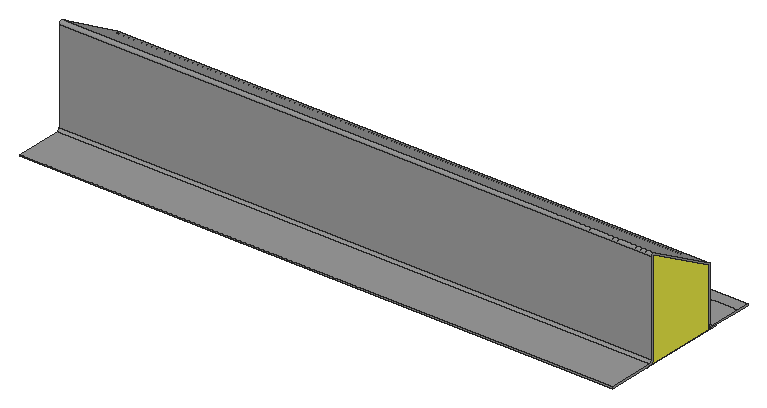
Revit family "XHD K 150", category Generic Models, Revit 2014
Parameters (values of type "Max lintel length 2700mm")
  URL = "http://www.keystonelintels.co.uk"
  Structural Opening [instance] = 900 mm
  Structural Performance = "The Keystone lintel range has safe working loads as detailed in each applicable loading table in the Keystone Lintel Guide brochure. The structural performance figures within each table have been ascertained by testing in accordance with the requirements of standards BS EN 5977-2: 1983 and BS EN 845-2: 2003."
  RIBA Productor Selector = "available for Keystone Lintels Ltd from Keystone Lintels Ltd from ribaproductselector.com"
  Model = "XHD/K 150"
  Min Length = 600 mm
  Min Clear Span = 300 mm
  Max Length = 2700 mm
  Max Clear Span = 2700 mm
  Material - Stainless Steel = "Grade 304 2b 1.4307 to BS EN 10088-2. Other grades available on request: contact manufacturer."
  Material - Galvanised Steel = "To BS EN 10346: 2009. DX51D plus Z600 or grade Z275 to BS 5977-2: 1983 (BS EN 845-2: 2003)."
  Manufacturer = "Keystone"
  Manufactured Length [instance] = (roundup(Effective Length / 150 mm) * 150 mm)  # 1200 mm
  Lintel height [instance] = 2100 mm
  Keynote = "F30/755"
  Fire Performance = "Keystone lintels have been subjected to a fire test (WARRES No. 101263) in accordance with BS 476-20: 1987, at Exova Warrington Fire and achieved a one hour fire performance."
  End Bearing = 150 mm
  Effective Length [instance] = Clear Opening with MIN MAX set + End Bearing * 2  # 1200 mm
  Corrosion = "Keystone’s standard range of lintels are manufactured from high quality grade pre-galvanized carbon steel with a zinc coating of 600"
  Contact Tel = "+44 (0)28 8676 2184"
  Contact Email = "info@keystonelintels.co.uk"
  Clear Opening with MIN MAX set [instance] = if(Structural Opening < Min Clear Span, Min Clear Span, (if(Structural Opening > Max Clear Span, Max Clear Span, Structural Opening)))  # 900 mm
  CPD Information = "Available for Keystone Lintels Ltd from ribacpd.com"
Reference planes
  plane 1 "Center (Front/Back)": y = 0
  plane 2: z = 0
  plane 3 "Center (Left/Right)": x = 0
  plane 4: x = -600
  plane 5: x = 600
  plane 6: z = 2100
  plane 7: x = -450
  plane 8: x = 450
Forms (mm)
  Extrusion 1, solid, material "Steel"
    sketch origin (0, 706.054, -510.749) x (0, 1, 0) y (0, 0, 1)
      loop
        line (-570.549, 2610.749) -> (-545.599, 2609.835) -> (-545.482, 2613.033) -> (-570.491, 2613.949) -> (-635.491, 2613.949)
        arc (-635.491, 2613.949) -> (-639.026, 2615.414) -> (-640.491, 2618.949) r 5
        line (-640.491, 2618.949) -> (-640.491, 2725.945)
        arc (-640.491, 2725.945) -> (-641.186, 2728.544) -> (-643.087, 2730.447) r 5.2
        line (-643.087, 2730.447) -> (-780.692, 2810.036)
        arc (-780.692, 2810.036) -> (-785.892, 2810.036) -> (-788.491, 2805.532) r 5.198
        line (-788.491, 2805.532) -> (-788.491, 2618.949)
        arc (-788.491, 2618.949) -> (-789.955, 2615.414) -> (-793.491, 2613.949) r 5
        line (-793.491, 2613.949) -> (-888.491, 2613.949) -> (-888.491, 2610.749) -> (-793.491, 2610.749)
        arc (-793.491, 2610.749) -> (-787.693, 2613.151) -> (-785.291, 2618.949) r 8.2
        line (-785.291, 2618.949) -> (-785.291, 2805.532)
        arc (-785.291, 2805.532) -> (-784.292, 2807.263) -> (-782.294, 2807.266) r 2
        line (-782.294, 2807.266) -> (-644.689, 2727.677)
        arc (-644.689, 2727.677) -> (-643.958, 2726.945) -> (-643.691, 2725.945) r 2
        line (-643.691, 2725.945) -> (-643.691, 2618.949)
        arc (-643.691, 2618.949) -> (-641.289, 2613.151) -> (-635.491, 2610.749) r 8.2
        line (-635.491, 2610.749) -> (-570.549, 2610.749)
    from -600 to 600
  Extrusion 2, solid, material "Steel"
    sketch origin (0, 706.054, -510.749) x (0, 1, 0) y (0, 0, 1)
      loop
        line (-626.689, 2609.749) -> (-626.689, 2610.749) -> (-643.689, 2610.749) -> (-643.689, 2618.749) -> (-644.689, 2618.749) -> (-644.689, 2610.749) -> (-801.689, 2610.749) -> (-801.689, 2609.749) -> (-626.689, 2609.749)
    from -600 to 600
  Extrusion 3, solid, material "Insulation"
    sketch origin (0, 706.054, -510.749) x (0, 1, 0) y (0, 0, 1)
      loop
        line (-643.689, 2610.749) -> (-635.491, 2610.749)
        arc (-635.491, 2610.749) -> (-641.289, 2613.151) -> (-643.691, 2618.949) r 8.2
        line (-643.691, 2618.949) -> (-643.691, 2725.945)
        arc (-643.691, 2725.945) -> (-643.958, 2726.945) -> (-644.689, 2727.677) r 2
        line (-644.689, 2727.677) -> (-782.294, 2807.266)
        arc (-782.294, 2807.266) -> (-784.292, 2807.263) -> (-785.291, 2805.532) r 2
        line (-785.291, 2805.532) -> (-785.291, 2618.949)
        arc (-785.291, 2618.949) -> (-787.693, 2613.151) -> (-793.491, 2610.749) r 8.2
        line (-793.491, 2610.749) -> (-644.689, 2610.749) -> (-644.689, 2618.749) -> (-643.689, 2618.749) -> (-643.689, 2610.749)
    from -600 to 600
  Extrusion 4, solid, not visible
    sketch origin (0, 953.452, 1221.761) x (0, 1, 0) y (0, 0, 1)
      loop
        line (-570.549, 1010.749) -> (-545.599, 1009.835) -> (-545.482, 1013.033) -> (-570.491, 1013.949) -> (-635.491, 1013.949)
        arc (-635.491, 1013.949) -> (-639.026, 1015.414) -> (-640.491, 1018.949) r 5
        line (-640.491, 1018.949) -> (-640.491, 1125.945)
        arc (-640.491, 1125.945) -> (-641.186, 1128.544) -> (-643.087, 1130.447) r 5.2
        line (-643.087, 1130.447) -> (-780.692, 1210.036)
        arc (-780.692, 1210.036) -> (-785.892, 1210.036) -> (-788.491, 1205.532) r 5.198
        line (-788.491, 1205.532) -> (-788.491, 1018.949)
        arc (-788.491, 1018.949) -> (-789.955, 1015.414) -> (-793.491, 1013.949) r 5
        line (-793.491, 1013.949) -> (-888.491, 1013.949) -> (-888.491, 1010.749) -> (-793.491, 1010.749)
        arc (-793.491, 1010.749) -> (-787.693, 1013.151) -> (-785.291, 1018.949) r 8.2
        line (-785.291, 1018.949) -> (-785.291, 1205.532)
        arc (-785.291, 1205.532) -> (-784.292, 1207.263) -> (-782.294, 1207.266) r 2
        line (-782.294, 1207.266) -> (-644.689, 1127.677)
        arc (-644.689, 1127.677) -> (-643.958, 1126.945) -> (-643.691, 1125.945) r 2
        line (-643.691, 1125.945) -> (-643.691, 1018.949)
        arc (-643.691, 1018.949) -> (-641.289, 1013.151) -> (-635.491, 1010.749) r 8.2
        line (-635.491, 1010.749) -> (-570.549, 1010.749)
    from 0 to 250
  Extrusion 5, solid, not visible
    sketch origin (0, 569.591, 1224.752) x (0, 1, 0) y (0, 0, 1)
      loop
        line (-643.689, 1010.749) -> (-635.491, 1010.749)
        arc (-635.491, 1010.749) -> (-641.289, 1013.151) -> (-643.691, 1018.949) r 8.2
        line (-643.691, 1018.949) -> (-643.691, 1125.945)
        arc (-643.691, 1125.945) -> (-643.958, 1126.945) -> (-644.689, 1127.677) r 2
        line (-644.689, 1127.677) -> (-782.294, 1207.266)
        arc (-782.294, 1207.266) -> (-784.292, 1207.263) -> (-785.291, 1205.532) r 2
        line (-785.291, 1205.532) -> (-785.291, 1018.949)
        arc (-785.291, 1018.949) -> (-787.693, 1013.151) -> (-793.491, 1010.749) r 8.2
        line (-793.491, 1010.749) -> (-644.689, 1010.749) -> (-644.689, 1018.749) -> (-643.689, 1018.749) -> (-643.689, 1010.749)
    from 0 to 250
  Extrusion 6, solid, not visible
    sketch origin (0, 894.416, 998.242) x (0, 1, 0) y (0, 0, 1)
      loop
        line (-626.689, 1009.749) -> (-626.689, 1010.749) -> (-643.689, 1010.749) -> (-643.689, 1018.749) -> (-644.689, 1018.749) -> (-644.689, 1010.749) -> (-801.689, 1010.749) -> (-801.689, 1009.749) -> (-626.689, 1009.749)
    from 0 to 250
Dimensions and locks
  equal spacing: plane 4, plane 3 "Center (Left/Right)", plane 5
  "Manufactured Length": plane 4 to plane 5
  "Lintel height": plane 6 to level
  "Structural Opening": plane 7 to plane 8
  equal spacing: plane 7, plane 3 "Center (Left/Right)", plane 8
  aligned and locked: level to plane 2
  aligned and locked: Extrusion 1 to plane 6
  aligned and locked: Extrusion 3 to plane 6
  aligned and locked: plane 6 to Extrusion 2
  aligned and locked: plane 5 to Extrusion 1
  aligned and locked: Extrusion 1 to plane 4
  aligned and locked: plane 5 to Extrusion 3
  aligned and locked: Extrusion 3 to plane 4
  aligned and locked: plane 5 to Extrusion 2
  aligned and locked: Extrusion 2 to plane 4
Automatic sketch dimensions
  Extrusion 1 sketch curve to Extrusion 1 sketch curve = 64.941 mm
  Extrusion 1 sketch curve to Extrusion 1 sketch curve = 24.951 mm
  Extrusion 1 sketch curve to Extrusion 1 sketch curve = 0.914 mm
  Extrusion 1 sketch curve to Extrusion 1 sketch curve = 0.117 mm
  Extrusion 1 sketch curve to Extrusion 1 sketch curve = 0.059 mm
  Extrusion 1 sketch curve to Extrusion 1 sketch curve = 5 mm  (x2)
  Extrusion 1 sketch curve to Extrusion 1 sketch curve = 106.996 mm
  Extrusion 1 sketch curve to Extrusion 1 sketch curve = 2 mm
  Extrusion 1 sketch curve to Extrusion 1 sketch curve = 0.999 mm
  Extrusion 1 sketch curve to Extrusion 1 sketch curve = 137.605 mm
  Extrusion 1 sketch curve to Extrusion 1 sketch curve = 79.589 mm
  Extrusion 1 sketch curve to Extrusion 1 sketch curve = 1.602 mm  (x2)
  Extrusion 1 sketch curve to Extrusion 1 sketch curve = 2.77 mm
  Extrusion 1 sketch curve to Extrusion 1 sketch curve = 0.997 mm
  Extrusion 1 sketch curve to Extrusion 1 sketch curve = 1.734 mm
  Extrusion 1 sketch curve to Extrusion 1 sketch curve = 0.002 mm
  Extrusion 1 sketch curve to Extrusion 1 sketch curve = 0.003 mm
  Extrusion 1 sketch curve to Extrusion 1 sketch curve = 3.2 mm
  Extrusion 1 sketch curve to Extrusion 1 sketch curve = 0 mm  (x13)
  Extrusion 1 sketch curve to Extrusion 1 sketch curve = 95 mm
  Extrusion 2 sketch curve to Extrusion 2 sketch curve = 1 mm  (x2)
  Extrusion 2 sketch curve to Extrusion 2 sketch curve = 17 mm
  Extrusion 2 sketch curve to Extrusion 2 sketch curve = 158 mm
  Extrusion 2 sketch curve to Extrusion 2 sketch curve = 8 mm
  Extrusion 2 sketch curve to Extrusion 2 sketch curve = 0 mm
  Extrusion 3 sketch curve to Extrusion 3 sketch curve = 8.198 mm
  Extrusion 3 sketch curve to Extrusion 3 sketch curve = 8.2 mm  (x3)
  Extrusion 3 sketch curve to Extrusion 3 sketch curve = 0 mm  (x3)
  Extrusion 3 sketch curve to Extrusion 3 sketch curve = 0.2 mm
  Extrusion 3 sketch curve to Extrusion 3 sketch curve = 1 mm
  Extrusion 3 sketch curve to Extrusion 3 sketch curve = 106.996 mm
  Extrusion 3 sketch curve to Extrusion 3 sketch curve = 148.802 mm
  Extrusion 3 sketch curve to Extrusion 3 sketch curve = 79.587 mm
  Extrusion 3 sketch curve to Extrusion 3 sketch curve = 2 mm
  Extrusion 3 sketch curve to Extrusion 3 sketch curve = 0.999 mm
  Extrusion 3 sketch curve to Extrusion 3 sketch curve = 2.997 mm
  Extrusion 3 sketch curve to Extrusion 3 sketch curve = 1.734 mm
  Extrusion 3 sketch curve to Extrusion 3 sketch curve = 8 mm
  Extrusion 4 sketch curve to Extrusion 4 sketch curve = 64.941 mm
  Extrusion 4 sketch curve to Extrusion 4 sketch curve = 24.951 mm
  Extrusion 4 sketch curve to Extrusion 4 sketch curve = 0.914 mm
  Extrusion 4 sketch curve to Extrusion 4 sketch curve = 0.117 mm
  Extrusion 4 sketch curve to Extrusion 4 sketch curve = 0.059 mm
  Extrusion 4 sketch curve to Extrusion 4 sketch curve = 5 mm  (x2)
  Extrusion 4 sketch curve to Extrusion 4 sketch curve = 106.996 mm
  Extrusion 4 sketch curve to Extrusion 4 sketch curve = 2 mm
  Extrusion 4 sketch curve to Extrusion 4 sketch curve = 0.999 mm
  Extrusion 4 sketch curve to Extrusion 4 sketch curve = 137.605 mm
  Extrusion 4 sketch curve to Extrusion 4 sketch curve = 79.589 mm
  Extrusion 4 sketch curve to Extrusion 4 sketch curve = 1.602 mm  (x2)
  Extrusion 4 sketch curve to Extrusion 4 sketch curve = 2.77 mm
  Extrusion 4 sketch curve to Extrusion 4 sketch curve = 0.997 mm
  Extrusion 4 sketch curve to Extrusion 4 sketch curve = 1.734 mm
  Extrusion 4 sketch curve to Extrusion 4 sketch curve = 0.002 mm
  Extrusion 4 sketch curve to Extrusion 4 sketch curve = 0.003 mm
  Extrusion 4 sketch curve to Extrusion 4 sketch curve = 3.2 mm
  Extrusion 4 sketch curve to Extrusion 4 sketch curve = 0 mm  (x13)
  Extrusion 4 sketch curve to Extrusion 4 sketch curve = 95 mm
  Extrusion 5 sketch curve to Extrusion 5 sketch curve = 8.198 mm
  Extrusion 5 sketch curve to Extrusion 5 sketch curve = 8.2 mm  (x3)
  Extrusion 5 sketch curve to Extrusion 5 sketch curve = 0 mm  (x3)
  Extrusion 5 sketch curve to Extrusion 5 sketch curve = 0.2 mm
  Extrusion 5 sketch curve to Extrusion 5 sketch curve = 1 mm
  Extrusion 5 sketch curve to Extrusion 5 sketch curve = 106.996 mm
  Extrusion 5 sketch curve to Extrusion 5 sketch curve = 148.802 mm
  Extrusion 5 sketch curve to Extrusion 5 sketch curve = 79.587 mm
  Extrusion 5 sketch curve to Extrusion 5 sketch curve = 2 mm
  Extrusion 5 sketch curve to Extrusion 5 sketch curve = 0.999 mm
  Extrusion 5 sketch curve to Extrusion 5 sketch curve = 2.997 mm
  Extrusion 5 sketch curve to Extrusion 5 sketch curve = 1.734 mm
  Extrusion 5 sketch curve to Extrusion 5 sketch curve = 8 mm
  Extrusion 6 sketch curve to Extrusion 6 sketch curve = 1 mm  (x2)
  Extrusion 6 sketch curve to Extrusion 6 sketch curve = 17 mm
  Extrusion 6 sketch curve to Extrusion 6 sketch curve = 158 mm
  Extrusion 6 sketch curve to Extrusion 6 sketch curve = 8 mm
  Extrusion 6 sketch curve to Extrusion 6 sketch curve = 0 mm
  Extrusion 3 sketch curve to plane 6 = 0 mm
  plane 1 "Center (Front/Back)" to Extrusion 3 sketch curve = 87.437 mm
  Extrusion 1 sketch curve to plane 6 = 0 mm
  plane 1 "Center (Front/Back)" to Extrusion 1 sketch curve = 182.437 mm
  Extrusion 2 sketch curve to plane 6 = 0 mm
  plane 1 "Center (Front/Back)" to Extrusion 2 sketch curve = 95.635 mm
